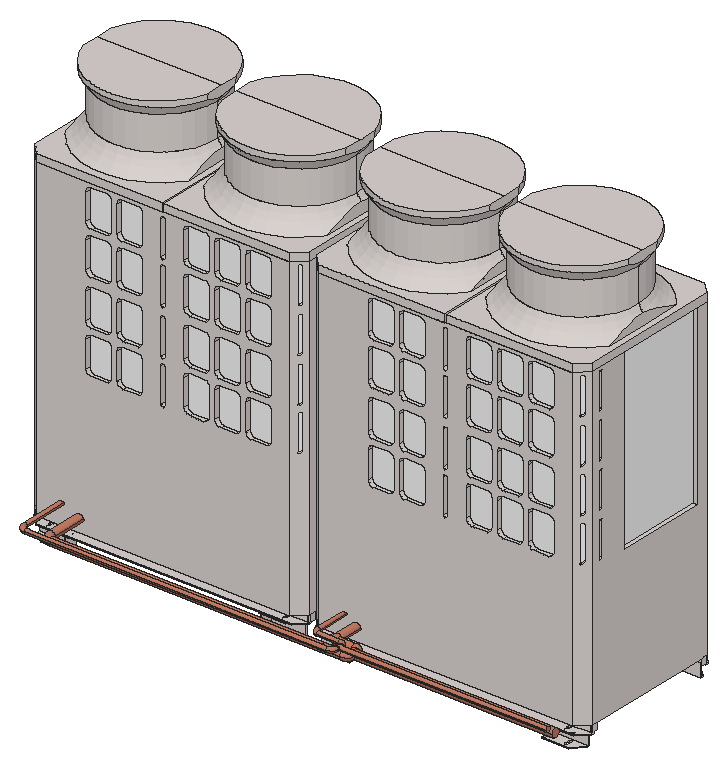
Revit family "PUHY-P750YSNW-A1", category Mechanical Equipment, Revit 2016
Family settings
  Part Type = Normal
  Round Connector Dimension = Use Radius
  OmniClass Number = 23.75.00.00
  OmniClass Title = Climate Control (HVAC)
  Work Plane-Based = No
  Always vertical = Yes
  Cut with Voids When Loaded = No
  Shared = No
  Room Calculation Point = No
Parameters (values of type "PUHY-P750YSNW-A1_380V_50Hz")
  Model = "PUHY-P750YSNW-A1"
  Width = 2510.000 mm
  WarrantyStart = ""
  Voltage = 380 V
  Unit Weight (kg) = 554
  URL = "http://www.mitsubishielectric.com/"
  Temp. range of heating (Outdoor temp.) (W.B.) = "-20.0 to 15.5"
  Temp. range of heating (Indoor temp.) (D.B.) = "15.0 to 27.0"
  Temp. range of cooling (Outdoor temp.) (D.B.) = "-5.0 to 52.0"
  Temp. range of cooling (Indoor temp.) (W.B.) = "15.0 to 24.0"
  TagNumber = 0
  Subcategory = "HVAC"
  Space View = yes
  Sound Pressure Level (dB(A)) Heating mode = 68.5
  Sound Pressure Level (dB(A)) Cooling mode = 67
  SerialNumber = 0
  ReplacementYear = ""
  Refrigerant type = "R410A"
  Refrigerant Charge (kg) = 19.6
  Protection Devices_Inverter circuit (COMP./FAN) = "Over-current protection"
  Protection Devices_High pressure (MPa) = "High pressure sensor, High pressure switch at 4.15"
  Phase = 3
  Manufacturer = "Mitsubishi Electric Corporation"
  Outdoor unit 2 Breaker size (A) = 40
  Outdoor unit 2 = PUHY-P350YNW-A1 : PUHY-P350YNW-A1
  Outdoor unit 1 Breaker size (A) = 60
  Outdoor unit 1 = PUHY-P400YNW-A1 : PUHY-P400YNW-A1
  Note_1 = "Refrigerant pipe diameters may change depending on the installation condition. Please refer to the installation manual."
  Maximum Circuit Ampacity (A) = 58.3
  Liquid pipe_radius = 9.525 mm
  InstallationDate = ""
  Indoor Unit Total Capacity = "50 to 130% of outdoor unit capacity"
  Indoor Unit Model/Quantity = "P10 to P250/2 to 50"
  Hertz = 50 Hz
  Height = 1858.000 mm
  Heating SCOP (kW/kW) = 4.05
  Heating Rated Load Ampacity (A) = 39.5
  Heating Power Input (kW) = 23.45
  Heating Power Input (Nominal) (kW) = 19.72
  Heating Current Input (Nominal) (A) = 33.2
  Heating Current Input (A) = 39.5
  Heating Capacity (kW) = 95
  Heating Capacity (Nominal) (kW) = 85
  Heating COP (kW/kW) = 4.05
  Heating COP (Nominal) (kW/kW) = 4.31
  Gas pipe_radius = 17.465 mm
  Fan_Type = "Propeller Fan"
  Fan_Quantity = 4
  Fan Motor Output (kW) = 1.84
  External static pressure (Pa) = 0
  External Finish = "Pre-coated galvanized steel sheets (+powder coating for -BS type) <MUNSELL 3Y 7.8/1.1 or similar>"
  Equip_description = ""
  Equip_No. = 0
  Equip_ID = ""
  Description = ""
  Depth = 740.000 mm
  CreatedOn = ""
  CreatedBy = ""
  Cooling SEER (kW/kW) = 6.46
  Cooling Rated Load Ampacity (A) = 43.6
  Cooling Power Input (kW) = 25.83
  Cooling EER (kW/kW) = 3.29
  Cooling Current Input (A) = 43.6
  Cooling Capacity (kW) = 85
  Compressor_Type = "Inverter scroll hermetic compressor"
  Compressor_Quantity = 2
  Compressor_Lubricant = "MEL32"
  Compressor Motor Output (kW) = 20
  Category = ""
  Barcode = ""
  AssetIdentifier = ""
  Airflow Rate (m3/min) = 570
  Airflow Rate (m3/h) = 34200
Reference planes
  plane 1 "Center (Front/Back)": y = 0
  plane 2: z = 0
  plane 3 "Center (Left/Right)": x = 0
  plane 4: y = 370
  plane 5 "front": y = -370
  plane 6: x = -1255
  plane 7: x = 1255
  plane 8: x = 15
  plane 9: x = -15
  plane 10: z = 1858
Forms (mm)
  Sweep 1, solid, material "Copper"
    path origin (1017.215, -4.248, 187) x (0, -1, 0) y (1, 0, 0)
      loop
        line (360, -2112.386) -> (570, -2112.386)
        arc (570, -2112.386) -> (591.213, -2103.6) -> (600, -2082.386) r 30
        line (600, -2082.386) -> (600, -725.507)
        arc (600, -725.507) -> (594.142, -711.365) -> (580, -705.507) r 20
        line (580, -705.507) -> (552.385, -705.507)
        arc (552.385, -705.507) -> (538.243, -711.365) -> (532.385, -725.507) r 20
        line (532.385, -725.507) -> (532.385, -821.501)
        arc (532.385, -821.501) -> (526.527, -835.643) -> (512.385, -841.501) r 20
        line (512.385, -841.501) -> (357.385, -841.501)
    profile origin (-1095.172, -469.248, 187) x (1, 0, 0) y (0, 0, 1)
      loop
        circle (0, 0) r 9.525
  Sweep 2, solid, material "Copper"
    path origin (1039.386, -4.248, 155) x (0, -1, 0) y (1, 0, 0)
      loop
        line (360, -2053) -> (525, -2053)
        arc (525, -2053) -> (546.213, -2044.213) -> (555, -2023) r 30
        line (555, -2023) -> (555, -800.253) -> (555, -715.253)
        arc (555, -715.253) -> (549.142, -701.111) -> (535, -695.253) r 20
        line (535, -695.253) -> (510, -695.253)
        arc (510, -695.253) -> (495.858, -701.111) -> (490, -715.253) r 20
        line (490, -715.253) -> (490, -786.253)
        arc (490, -786.253) -> (484.142, -800.395) -> (470, -806.253) r 20
        line (470, -806.253) -> (360, -806.253)
    profile origin (-1013.614, -446.748, 155) x (1, 0, 0) y (0, 0, 1)
      loop
        circle (0, 0) r 17.465
  Sweep 3, solid, material "Copper"
    path origin (934.386, -4.248, 187) x (0, -1, 0) y (1, 0, 0)
      loop
        line (565.96, -620) -> (565.96, 320.614)
    profile origin (784.693, -570.208, 187) x (0, 1, 0) y (0, 0, 1)
      loop
        circle (0, 0) r 9.525
  Sweep 4, solid, material "Copper"
    path origin (934.386, -4.248, 155.027) x (-1, 0, 0) y (0, -1, 0)
      loop
        line (585, 523.84) -> (-320, 523.84)
    profile origin (801.886, -528.088, 155.027) x (0, 1, 0) y (0, 0, 1)
      loop
        circle (0, 0) r 17.465
Dimensions and locks
  nested 1 to nested 1 = 1240.000 mm
  nested 1 to nested 2 to nested 2 = 30.000 mm, 1240.000 mm
  "Liquid pipe_radius": radius of Sweep 3 sketch curve
  "Gas pipe_radius": radius of Sweep 4 sketch curve
  aligned and locked: level to plane 2
Automatic sketch dimensions
  Sweep 1 sketch curve to plane 5 "front" = 8.366 mm
  Sweep 1 sketch curve to plane 5 "front" = 5.752 mm
  plane 5 "front" to Sweep 1 sketch curve = 146.634 mm
  Sweep 1 sketch curve to Sweep 1 sketch curve = 20.000 mm  (x2)
  plane 5 "front" to Sweep 1 sketch curve = 204.248 mm
  Sweep 1 sketch curve to Sweep 1 sketch curve = 27.615 mm
  Sweep 1 sketch curve to Sweep 1 sketch curve = 30.000 mm
  plane 6 to Sweep 1 sketch curve = 159.828 mm
  plane 3 "Center (Left/Right)" to Sweep 1 sketch curve = 175.714 mm
  Sweep 1 sketch curve to Sweep 1 sketch curve = 95.994 mm
  profile plane to Sweep 1 sketch curve = 0.000 mm
  Sweep 1 sketch curve to profile plane = 0.000 mm
  Sweep 2 sketch curve to plane 5 "front" = 5.752 mm  (x2)
  plane 5 "front" to Sweep 2 sketch curve = 104.248 mm
  Sweep 2 sketch curve to Sweep 2 sketch curve = 20.000 mm  (x3)
  plane 5 "front" to Sweep 2 sketch curve = 159.248 mm
  Sweep 2 sketch curve to Sweep 2 sketch curve = 25.000 mm
  plane 6 to Sweep 2 sketch curve = 241.386 mm
  plane 3 "Center (Left/Right)" to Sweep 2 sketch curve = 239.134 mm
  Sweep 2 sketch curve to Sweep 2 sketch curve = 6.000 mm
  Sweep 2 sketch curve to Sweep 2 sketch curve = 71.000 mm
  profile plane to Sweep 2 sketch curve = 0.000 mm
  Sweep 2 sketch curve to profile plane = 0.000 mm
  Sweep 3 sketch curve to plane 7 = 0.000 mm
  plane 5 "front" to Sweep 3 sketch curve = 200.208 mm
  plane 8 to Sweep 3 sketch curve = 299.386 mm
  Sweep 4 sketch curve to plane 7 = 0.614 mm
  plane 5 "front" to Sweep 4 sketch curve = 158.088 mm
  plane 8 to Sweep 4 sketch curve = 334.386 mm
  Sweep 3 sketch curve to profile plane = 0.000 mm  (x2)
  Sweep 4 sketch curve to profile plane = 0.000 mm  (x2)
  radius of Sweep 1 sketch curve = 9.525 mm
  radius of Sweep 2 sketch curve = 17.465 mm
Nested families
  nested 1: "PUHY-P400YNW-A1" at (-635, 0, 0), type <- "Outdoor unit 1", type "PUHY-P400YNW-A1"
  nested 2: "PUHY-P350YNW-A1" at (635, 0, 0), type <- "Outdoor unit 2", type "PUHY-P350YNW-A1"
Connectors
  piping at (1254.386, -528.088, 155.027), diameter 34.93, driven by "Gas pipe_radius"
    settings: on Sweep 4, index 1, connector inside diameter 34.93 mm, connector length 0.000 mm, flow factor 0, pipe flow 0.0 L/s, pressure drop 0.0 Pa, fitting loss kfactor 0, connector angle 0.00°, fixture units 0, engagement length 0.000 mm, angle of deflection 0.00°, flow configuration 0, flow direction 0, fitting loss method 0, system type 22, joint type 0, gender type 0, connector reference index -1, connector utility 0, adjustable connector no, is connector primary yes, connector description "Indoor unit-Twinning pipe(Gas)"
  piping at (1255, -570.208, 187), diameter 19.05, driven by "Liquid pipe_radius"
    settings: on Sweep 3, index 2, connector inside diameter 19.05 mm, connector length 0.000 mm, flow factor 0, pipe flow 0.0 L/s, pressure drop 0.0 Pa, fitting loss kfactor 0, connector angle 0.00°, fixture units 0, engagement length 0.000 mm, angle of deflection 0.00°, flow configuration 0, flow direction 0, fitting loss method 0, system type 22, joint type 0, gender type 0, connector reference index -1, connector utility 0, adjustable connector no, is connector primary no, connector description "Indoor unit-Twinning pipe(Liquid)"
  electrical at (319, -370, 280), driven by "Phase", driven by "Voltage"
    settings: index 4, voltage 380 V, apparent load 0 VA, apparent load phase1 0 VA, apparent load phase2 0 VA, apparent load phase3 0 VA, power factor 1, load classification "HVAC", number of poles 3, system type 30, power factor state 1, is connector primary yes, connector utility no, sub classification motor no, connector description ""
  electrical at (-633, -370, 280), driven by "Phase", driven by "Voltage"
    settings: index 5, voltage 380 V, apparent load 0 VA, apparent load phase1 0 VA, apparent load phase2 0 VA, apparent load phase3 0 VA, power factor 1, load classification "HVAC", number of poles 3, system type 30, power factor state 1, is connector primary no, connector utility no, sub classification motor no, connector description ""
Definition of nested family "PUHY-P400YNW-A1"
  Parameters
    Model = "PUHY-P400YNW-A"
    URL = "http://www.mitsubishielectric.com/"
    Manufacturer = "Mitsubishi Electric Corporation"
    Liquid pipe_radius = 12.700 mm
    Gas pipe_radius = 14.290 mm
  Reference planes
    plane 1 "Center (Front/Back)": y = 0
    plane 2: z = 0
    plane 3 "Center (Left/Right)": x = 0
    plane 4: y = 370
    plane 5: z = 1858
    plane 6: y = -260
    plane 7: y = -204
    plane 8: y = -185
    plane 9: x = -620
    plane 10: x = 620
    plane 11: x = -620
    plane 12: z = 716
    plane 13: x = -524
    plane 14: z = 669
    plane 15: x = -50.5
    plane 16: x = 51
    plane 17: x = 489
    plane 18: x = 467
    plane 19 "132": x = 488
    plane 20 "100": z = 160
    plane 21: z = 185
    plane 22: x = 413
    plane 23: x = 364
    plane 24: z = 150
    plane 25: x = -287.25
    plane 26: x = -137.25
    plane 27: x = -272.25
    plane 28: y = -278
    plane 29: z = 1509
    plane 30: y = -370
    plane 31: x = -530
    plane 32: x = 530
    plane 33 "179": y = -191
  Forms (mm)
    Extrusion 1, solid
      sketch origin (-1, 0, 113) x (-1, 0, 0) y (0, -1, 0)
        loop
          line (569, -370) -> (619, -320) -> (619, 320) -> (569, 370) -> (-571, 370) -> (-621, 320) -> (-621, -320) -> (-571, -370) -> (569, -370)
      from -18 to 1408
    Extrusion 2, void
      sketch origin (524, -370, 113) x (1, 0, 0) y (0, 0, -1)
        loop
          arc (-60.8, -1393.5) -> (-42.557, -1385.943) -> (-35, -1367.7) r 25.8
          line (-35, -1367.7) -> (-35, -1248.5)
          arc (-35, -1248.5) -> (-42.557, -1230.257) -> (-60.8, -1222.7) r 25.8
          line (-60.8, -1222.7) -> (-126, -1222.7)
          arc (-126, -1222.7) -> (-144.243, -1230.257) -> (-151.8, -1248.5) r 25.8
          line (-151.8, -1248.5) -> (-151.8, -1367.7)
          arc (-151.8, -1367.7) -> (-144.243, -1385.943) -> (-126, -1393.5) r 25.8
          line (-126, -1393.5) -> (-60.8, -1393.5)
      from 0 to 20
    Extrusion 3, void
      sketch origin (524, -370, -81) x (1, 0, 0) y (0, 0, -1)
        loop
          arc (-60.8, -1393.5) -> (-42.557, -1385.943) -> (-35, -1367.7) r 25.8
          line (-35, -1367.7) -> (-35, -1248.5)
          arc (-35, -1248.5) -> (-42.557, -1230.257) -> (-60.8, -1222.7) r 25.8
          line (-60.8, -1222.7) -> (-126, -1222.7)
          arc (-126, -1222.7) -> (-144.243, -1230.257) -> (-151.8, -1248.5) r 25.8
          line (-151.8, -1248.5) -> (-151.8, -1367.7)
          arc (-151.8, -1367.7) -> (-144.243, -1385.943) -> (-126, -1393.5) r 25.8
          line (-126, -1393.5) -> (-60.8, -1393.5)
      from 0 to 20
    Extrusion 4, void
      sketch origin (524, -370, -287) x (1, 0, 0) y (0, 0, -1)
        loop
          arc (-60.8, -1393.5) -> (-42.557, -1385.943) -> (-35, -1367.7) r 25.8
          line (-35, -1367.7) -> (-35, -1248.5)
          arc (-35, -1248.5) -> (-42.557, -1230.257) -> (-60.8, -1222.7) r 25.8
          line (-60.8, -1222.7) -> (-126, -1222.7)
          arc (-126, -1222.7) -> (-144.243, -1230.257) -> (-151.8, -1248.5) r 25.8
          line (-151.8, -1248.5) -> (-151.8, -1367.7)
          arc (-151.8, -1367.7) -> (-144.243, -1385.943) -> (-126, -1393.5) r 25.8
          line (-126, -1393.5) -> (-60.8, -1393.5)
      from 0 to 20
    Extrusion 5, void
      sketch origin (524, -370, -481) x (1, 0, 0) y (0, 0, -1)
        loop
          arc (-60.8, -1393.5) -> (-42.557, -1385.943) -> (-35, -1367.7) r 25.8
          line (-35, -1367.7) -> (-35, -1248.5)
          arc (-35, -1248.5) -> (-42.557, -1230.257) -> (-60.8, -1222.7) r 25.8
          line (-60.8, -1222.7) -> (-126, -1222.7)
          arc (-126, -1222.7) -> (-144.243, -1230.257) -> (-151.8, -1248.5) r 25.8
          line (-151.8, -1248.5) -> (-151.8, -1367.7)
          arc (-151.8, -1367.7) -> (-144.243, -1385.943) -> (-126, -1393.5) r 25.8
          line (-126, -1393.5) -> (-60.8, -1393.5)
      from 0 to 20
    Extrusion 6, void
      sketch origin (384, -370, 113) x (1, 0, 0) y (0, 0, -1)
        loop
          arc (-60.8, -1393.5) -> (-42.557, -1385.943) -> (-35, -1367.7) r 25.8
          line (-35, -1367.7) -> (-35, -1248.5)
          arc (-35, -1248.5) -> (-42.557, -1230.257) -> (-60.8, -1222.7) r 25.8
          line (-60.8, -1222.7) -> (-126, -1222.7)
          arc (-126, -1222.7) -> (-144.243, -1230.257) -> (-151.8, -1248.5) r 25.8
          line (-151.8, -1248.5) -> (-151.8, -1367.7)
          arc (-151.8, -1367.7) -> (-144.243, -1385.943) -> (-126, -1393.5) r 25.8
          line (-126, -1393.5) -> (-60.8, -1393.5)
      from 0 to 20
    Extrusion 7, void
      sketch origin (384, -370, -81) x (1, 0, 0) y (0, 0, -1)
        loop
          arc (-60.8, -1393.5) -> (-42.557, -1385.943) -> (-35, -1367.7) r 25.8
          line (-35, -1367.7) -> (-35, -1248.5)
          arc (-35, -1248.5) -> (-42.557, -1230.257) -> (-60.8, -1222.7) r 25.8
          line (-60.8, -1222.7) -> (-126, -1222.7)
          arc (-126, -1222.7) -> (-144.243, -1230.257) -> (-151.8, -1248.5) r 25.8
          line (-151.8, -1248.5) -> (-151.8, -1367.7)
          arc (-151.8, -1367.7) -> (-144.243, -1385.943) -> (-126, -1393.5) r 25.8
          line (-126, -1393.5) -> (-60.8, -1393.5)
      from 0 to 20
    Extrusion 8, void
      sketch origin (384, -370, -287) x (1, 0, 0) y (0, 0, -1)
        loop
          arc (-60.8, -1393.5) -> (-42.557, -1385.943) -> (-35, -1367.7) r 25.8
          line (-35, -1367.7) -> (-35, -1248.5)
          arc (-35, -1248.5) -> (-42.557, -1230.257) -> (-60.8, -1222.7) r 25.8
          line (-60.8, -1222.7) -> (-126, -1222.7)
          arc (-126, -1222.7) -> (-144.243, -1230.257) -> (-151.8, -1248.5) r 25.8
          line (-151.8, -1248.5) -> (-151.8, -1367.7)
          arc (-151.8, -1367.7) -> (-144.243, -1385.943) -> (-126, -1393.5) r 25.8
          line (-126, -1393.5) -> (-60.8, -1393.5)
      from 0 to 20
    Extrusion 9, void
      sketch origin (384, -370, -481) x (1, 0, 0) y (0, 0, -1)
        loop
          arc (-60.8, -1393.5) -> (-42.557, -1385.943) -> (-35, -1367.7) r 25.8
          line (-35, -1367.7) -> (-35, -1248.5)
          arc (-35, -1248.5) -> (-42.557, -1230.257) -> (-60.8, -1222.7) r 25.8
          line (-60.8, -1222.7) -> (-126, -1222.7)
          arc (-126, -1222.7) -> (-144.243, -1230.257) -> (-151.8, -1248.5) r 25.8
          line (-151.8, -1248.5) -> (-151.8, -1367.7)
          arc (-151.8, -1367.7) -> (-144.243, -1385.943) -> (-126, -1393.5) r 25.8
          line (-126, -1393.5) -> (-60.8, -1393.5)
      from 0 to 20
    Extrusion 10, void
      sketch origin (244, -370, 113) x (1, 0, 0) y (0, 0, -1)
        loop
          arc (-60.8, -1393.5) -> (-42.557, -1385.943) -> (-35, -1367.7) r 25.8
          line (-35, -1367.7) -> (-35, -1248.5)
          arc (-35, -1248.5) -> (-42.557, -1230.257) -> (-60.8, -1222.7) r 25.8
          line (-60.8, -1222.7) -> (-126, -1222.7)
          arc (-126, -1222.7) -> (-144.243, -1230.257) -> (-151.8, -1248.5) r 25.8
          line (-151.8, -1248.5) -> (-151.8, -1367.7)
          arc (-151.8, -1367.7) -> (-144.243, -1385.943) -> (-126, -1393.5) r 25.8
          line (-126, -1393.5) -> (-60.8, -1393.5)
      from 0 to 20
    Extrusion 11, void
      sketch origin (244, -370, -81) x (1, 0, 0) y (0, 0, -1)
        loop
          arc (-60.8, -1393.5) -> (-42.557, -1385.943) -> (-35, -1367.7) r 25.8
          line (-35, -1367.7) -> (-35, -1248.5)
          arc (-35, -1248.5) -> (-42.557, -1230.257) -> (-60.8, -1222.7) r 25.8
          line (-60.8, -1222.7) -> (-126, -1222.7)
          arc (-126, -1222.7) -> (-144.243, -1230.257) -> (-151.8, -1248.5) r 25.8
          line (-151.8, -1248.5) -> (-151.8, -1367.7)
          arc (-151.8, -1367.7) -> (-144.243, -1385.943) -> (-126, -1393.5) r 25.8
          line (-126, -1393.5) -> (-60.8, -1393.5)
      from 0 to 20
    Extrusion 12, void
      sketch origin (244, -370, -287) x (1, 0, 0) y (0, 0, -1)
        loop
          arc (-60.8, -1393.5) -> (-42.557, -1385.943) -> (-35, -1367.7) r 25.8
          line (-35, -1367.7) -> (-35, -1248.5)
          arc (-35, -1248.5) -> (-42.557, -1230.257) -> (-60.8, -1222.7) r 25.8
          line (-60.8, -1222.7) -> (-126, -1222.7)
          arc (-126, -1222.7) -> (-144.243, -1230.257) -> (-151.8, -1248.5) r 25.8
          line (-151.8, -1248.5) -> (-151.8, -1367.7)
          arc (-151.8, -1367.7) -> (-144.243, -1385.943) -> (-126, -1393.5) r 25.8
          line (-126, -1393.5) -> (-60.8, -1393.5)
      from 0 to 20
    Extrusion 13, void
      sketch origin (244, -370, -481) x (1, 0, 0) y (0, 0, -1)
        loop
          arc (-60.8, -1393.5) -> (-42.557, -1385.943) -> (-35, -1367.7) r 25.8
          line (-35, -1367.7) -> (-35, -1248.5)
          arc (-35, -1248.5) -> (-42.557, -1230.257) -> (-60.8, -1222.7) r 25.8
          line (-60.8, -1222.7) -> (-126, -1222.7)
          arc (-126, -1222.7) -> (-144.243, -1230.257) -> (-151.8, -1248.5) r 25.8
          line (-151.8, -1248.5) -> (-151.8, -1367.7)
          arc (-151.8, -1367.7) -> (-144.243, -1385.943) -> (-126, -1393.5) r 25.8
          line (-126, -1393.5) -> (-60.8, -1393.5)
      from 0 to 20
    Extrusion 14, void
      sketch origin (-56, -370, 113) x (1, 0, 0) y (0, 0, -1)
        loop
          arc (-60.8, -1393.5) -> (-42.557, -1385.943) -> (-35, -1367.7) r 25.8
          line (-35, -1367.7) -> (-35, -1248.5)
          arc (-35, -1248.5) -> (-42.557, -1230.257) -> (-60.8, -1222.7) r 25.8
          line (-60.8, -1222.7) -> (-126, -1222.7)
          arc (-126, -1222.7) -> (-144.243, -1230.257) -> (-151.8, -1248.5) r 25.8
          line (-151.8, -1248.5) -> (-151.8, -1367.7)
          arc (-151.8, -1367.7) -> (-144.243, -1385.943) -> (-126, -1393.5) r 25.8
          line (-126, -1393.5) -> (-60.8, -1393.5)
      from 0 to 20
    Extrusion 15, void
      sketch origin (-56, -370, -81) x (1, 0, 0) y (0, 0, -1)
        loop
          arc (-60.8, -1393.5) -> (-42.557, -1385.943) -> (-35, -1367.7) r 25.8
          line (-35, -1367.7) -> (-35, -1248.5)
          arc (-35, -1248.5) -> (-42.557, -1230.257) -> (-60.8, -1222.7) r 25.8
          line (-60.8, -1222.7) -> (-126, -1222.7)
          arc (-126, -1222.7) -> (-144.243, -1230.257) -> (-151.8, -1248.5) r 25.8
          line (-151.8, -1248.5) -> (-151.8, -1367.7)
          arc (-151.8, -1367.7) -> (-144.243, -1385.943) -> (-126, -1393.5) r 25.8
          line (-126, -1393.5) -> (-60.8, -1393.5)
      from 0 to 20
    Extrusion 16, void
      sketch origin (-56, -370, -287) x (1, 0, 0) y (0, 0, -1)
        loop
          arc (-60.8, -1393.5) -> (-42.557, -1385.943) -> (-35, -1367.7) r 25.8
          line (-35, -1367.7) -> (-35, -1248.5)
          arc (-35, -1248.5) -> (-42.557, -1230.257) -> (-60.8, -1222.7) r 25.8
          line (-60.8, -1222.7) -> (-126, -1222.7)
          arc (-126, -1222.7) -> (-144.243, -1230.257) -> (-151.8, -1248.5) r 25.8
          line (-151.8, -1248.5) -> (-151.8, -1367.7)
          arc (-151.8, -1367.7) -> (-144.243, -1385.943) -> (-126, -1393.5) r 25.8
          line (-126, -1393.5) -> (-60.8, -1393.5)
      from 0 to 20
    Extrusion 17, void
      sketch origin (-56, -370, -481) x (1, 0, 0) y (0, 0, -1)
        loop
          arc (-60.8, -1393.5) -> (-42.557, -1385.943) -> (-35, -1367.7) r 25.8
          line (-35, -1367.7) -> (-35, -1248.5)
          arc (-35, -1248.5) -> (-42.557, -1230.257) -> (-60.8, -1222.7) r 25.8
          line (-60.8, -1222.7) -> (-126, -1222.7)
          arc (-126, -1222.7) -> (-144.243, -1230.257) -> (-151.8, -1248.5) r 25.8
          line (-151.8, -1248.5) -> (-151.8, -1367.7)
          arc (-151.8, -1367.7) -> (-144.243, -1385.943) -> (-126, -1393.5) r 25.8
          line (-126, -1393.5) -> (-60.8, -1393.5)
      from 0 to 20
    Extrusion 18, void
      sketch origin (-196, -370, 113) x (1, 0, 0) y (0, 0, -1)
        loop
          arc (-60.8, -1393.5) -> (-42.557, -1385.943) -> (-35, -1367.7) r 25.8
          line (-35, -1367.7) -> (-35, -1248.5)
          arc (-35, -1248.5) -> (-42.557, -1230.257) -> (-60.8, -1222.7) r 25.8
          line (-60.8, -1222.7) -> (-126, -1222.7)
          arc (-126, -1222.7) -> (-144.243, -1230.257) -> (-151.8, -1248.5) r 25.8
          line (-151.8, -1248.5) -> (-151.8, -1367.7)
          arc (-151.8, -1367.7) -> (-144.243, -1385.943) -> (-126, -1393.5) r 25.8
          line (-126, -1393.5) -> (-60.8, -1393.5)
      from 0 to 20
    Extrusion 19, void
      sketch origin (-196, -370, -81) x (1, 0, 0) y (0, 0, -1)
        loop
          arc (-60.8, -1393.5) -> (-42.557, -1385.943) -> (-35, -1367.7) r 25.8
          line (-35, -1367.7) -> (-35, -1248.5)
          arc (-35, -1248.5) -> (-42.557, -1230.257) -> (-60.8, -1222.7) r 25.8
          line (-60.8, -1222.7) -> (-126, -1222.7)
          arc (-126, -1222.7) -> (-144.243, -1230.257) -> (-151.8, -1248.5) r 25.8
          line (-151.8, -1248.5) -> (-151.8, -1367.7)
          arc (-151.8, -1367.7) -> (-144.243, -1385.943) -> (-126, -1393.5) r 25.8
          line (-126, -1393.5) -> (-60.8, -1393.5)
      from 0 to 20
    Extrusion 20, void
      sketch origin (-196, -370, -287) x (1, 0, 0) y (0, 0, -1)
        loop
          arc (-60.8, -1393.5) -> (-42.557, -1385.943) -> (-35, -1367.7) r 25.8
          line (-35, -1367.7) -> (-35, -1248.5)
          arc (-35, -1248.5) -> (-42.557, -1230.257) -> (-60.8, -1222.7) r 25.8
          line (-60.8, -1222.7) -> (-126, -1222.7)
          arc (-126, -1222.7) -> (-144.243, -1230.257) -> (-151.8, -1248.5) r 25.8
          line (-151.8, -1248.5) -> (-151.8, -1367.7)
          arc (-151.8, -1367.7) -> (-144.243, -1385.943) -> (-126, -1393.5) r 25.8
          line (-126, -1393.5) -> (-60.8, -1393.5)
      from 0 to 20
    Extrusion 21, void
      sketch origin (-196, -370, -481) x (1, 0, 0) y (0, 0, -1)
        loop
          arc (-60.8, -1393.5) -> (-42.557, -1385.943) -> (-35, -1367.7) r 25.8
          line (-35, -1367.7) -> (-35, -1248.5)
          arc (-35, -1248.5) -> (-42.557, -1230.257) -> (-60.8, -1222.7) r 25.8
          line (-60.8, -1222.7) -> (-126, -1222.7)
          arc (-126, -1222.7) -> (-144.243, -1230.257) -> (-151.8, -1248.5) r 25.8
          line (-151.8, -1248.5) -> (-151.8, -1367.7)
          arc (-151.8, -1367.7) -> (-144.243, -1385.943) -> (-126, -1393.5) r 25.8
          line (-126, -1393.5) -> (-60.8, -1393.5)
      from 0 to 20
    Extrusion 22, void
      sketch origin (620, 320, 113) x (0, 1, 0) y (0, 0, -1)
        loop
          line (-462.3, -1408) -> (-50.8, -1408) -> (-50.8, -612) -> (-462.3, -612) -> (-462.3, -1408)
      from 0 to 20
    Extrusion 23, void
      sketch origin (-620, -320, 113) x (0, -1, 0) y (0, 0, -1)
        loop
          line (-535.7, -1408) -> (-207.7, -1408) -> (-207.7, -592) -> (-535.7, -592) -> (-535.7, -1408)
      from 0 to 20
    Extrusion 24, void
      sketch origin (194.892, 370, 113) x (-1, 0, 0) y (0, 0, -1)
        loop
          arc (204.892, -1225.013) -> (194.892, -1215.013) -> (184.892, -1225.013) r 10
          line (184.892, -1225.013) -> (184.892, -1379.987)
          arc (184.892, -1379.987) -> (194.892, -1389.987) -> (204.892, -1379.987) r 10
          line (204.892, -1379.987) -> (204.892, -1225.013)
        loop
          arc (204.892, -1031.013) -> (194.892, -1021.013) -> (184.892, -1031.013) r 10
          line (184.892, -1031.013) -> (184.892, -1185.987)
          arc (184.892, -1185.987) -> (194.892, -1195.987) -> (204.892, -1185.987) r 10
          line (204.892, -1185.987) -> (204.892, -1031.013)
        loop
          arc (204.892, -825.013) -> (194.892, -815.013) -> (184.892, -825.013) r 10
          line (184.892, -825.013) -> (184.892, -979.987)
          arc (184.892, -979.987) -> (194.892, -989.987) -> (204.892, -979.987) r 10
          line (204.892, -979.987) -> (204.892, -825.013)
        loop
          arc (204.892, -631.013) -> (194.892, -621.013) -> (184.892, -631.013) r 10
          line (184.892, -631.013) -> (184.892, -785.987)
          arc (184.892, -785.987) -> (194.892, -795.987) -> (204.892, -785.987) r 10
          line (204.892, -785.987) -> (204.892, -631.013)
      from 0 to 20
    Extrusion 25, void
      sketch origin (-570, 370, 113) x (0.707107, 0.707107, 0) y (0, 0, 1)
        loop
          arc (-45.355, 1236) -> (-35.355, 1226) -> (-25.355, 1236) r 10
          line (-25.355, 1236) -> (-25.355, 1386)
          arc (-25.355, 1386) -> (-35.355, 1396) -> (-45.355, 1386) r 10
          line (-45.355, 1386) -> (-45.355, 1236)
        loop
          arc (-45.355, 1036) -> (-35.355, 1026) -> (-25.355, 1036) r 10
          line (-25.355, 1036) -> (-25.355, 1186)
          arc (-25.355, 1186) -> (-35.355, 1196) -> (-45.355, 1186) r 10
          line (-45.355, 1186) -> (-45.355, 1036)
        loop
          arc (-45.355, 836) -> (-35.355, 826) -> (-25.355, 836) r 10
          line (-25.355, 836) -> (-25.355, 986)
          arc (-25.355, 986) -> (-35.355, 996) -> (-45.355, 986) r 10
          line (-45.355, 986) -> (-45.355, 836)
        loop
          arc (-45.355, 641) -> (-35.355, 631) -> (-25.355, 641) r 10
          line (-25.355, 641) -> (-25.355, 791)
          arc (-25.355, 791) -> (-35.355, 801) -> (-45.355, 791) r 10
          line (-45.355, 791) -> (-45.355, 641)
      from 0 to 20
    Extrusion 26, void
      sketch origin (-620, -320, 113) x (0, -1, 0) y (0, 0, -1)
        loop
          line (-607.846, -1035.895) -> (-607.846, -1186.105)
          arc (-607.846, -1186.105) -> (-597.846, -1196.105) -> (-587.846, -1186.105) r 10
          line (-587.846, -1186.105) -> (-587.846, -1035.895)
          arc (-587.846, -1035.895) -> (-597.846, -1025.895) -> (-607.846, -1035.895) r 10
        loop
          line (-607.846, -835.895) -> (-607.846, -986.105)
          arc (-607.846, -986.105) -> (-597.846, -996.105) -> (-587.846, -986.105) r 10
          line (-587.846, -986.105) -> (-587.846, -835.895)
          arc (-587.846, -835.895) -> (-597.846, -825.895) -> (-607.846, -835.895) r 10
        loop
          line (-607.846, -1235.895) -> (-607.846, -1386.105)
          arc (-607.846, -1386.105) -> (-597.846, -1396.105) -> (-587.846, -1386.105) r 10
          line (-587.846, -1386.105) -> (-587.846, -1235.895)
          arc (-587.846, -1235.895) -> (-597.846, -1225.895) -> (-607.846, -1235.895) r 10
        loop
          line (-607.846, -635.895) -> (-607.846, -786.105)
          arc (-607.846, -786.105) -> (-597.846, -796.105) -> (-587.846, -786.105) r 10
          line (-587.846, -786.105) -> (-587.846, -635.895)
          arc (-587.846, -635.895) -> (-597.846, -625.895) -> (-607.846, -635.895) r 10
      from 0 to 20
    Extrusion 27, void
      sketch origin (1079, -370, 113) x (1, 0, 0) y (0, 0, -1)
        loop
          arc (-1089, -1379.975) -> (-1079, -1389.975) -> (-1069, -1379.975) r 10
          line (-1069, -1379.975) -> (-1069, -1225)
          arc (-1069, -1225) -> (-1079, -1215) -> (-1089, -1225) r 10
          line (-1089, -1225) -> (-1089, -1379.975)
        loop
          arc (-1089, -1185.975) -> (-1079, -1195.975) -> (-1069, -1185.975) r 10
          line (-1069, -1185.975) -> (-1069, -1031)
          arc (-1069, -1031) -> (-1079, -1021) -> (-1089, -1031) r 10
          line (-1089, -1031) -> (-1089, -1185.975)
        loop
          arc (-1089, -979.975) -> (-1079, -989.975) -> (-1069, -979.975) r 10
          line (-1069, -979.975) -> (-1069, -825)
          arc (-1069, -825) -> (-1079, -815) -> (-1089, -825) r 10
          line (-1089, -825) -> (-1089, -979.975)
        loop
          arc (-1089, -785.975) -> (-1079, -795.975) -> (-1069, -785.975) r 10
          line (-1069, -785.975) -> (-1069, -631)
          arc (-1069, -631) -> (-1079, -621) -> (-1089, -631) r 10
          line (-1089, -631) -> (-1089, -785.975)
      from 0 to 20
    Extrusion 28, void
      sketch origin (-571, 370, 113) x (-1, 0, 0) y (0, 0, -1)
        loop
          line (-519.5, -1408) -> (-48, -1408) -> (-48, -556) -> (-519.5, -556) -> (-519.5, -1408)
      from 0 to 20
    Extrusion 29, void
      sketch origin (-571, 370, 113) x (-1, 0, 0) y (0, 0, -1)
        loop
          line (-1038, -1408) -> (-622, -1408) -> (-622, -556) -> (-1038, -556) -> (-1038, -1408)
      from 0 to 20
    Extrusion 30, void
      sketch origin (620, 320, 113) x (0, 1, 0) y (0, 0, -1)
        loop
          arc (-588, -1035.791) -> (-598, -1025.791) -> (-608, -1035.791) r 10
          line (-608, -1035.791) -> (-608, -1186)
          arc (-608, -1186) -> (-598, -1196) -> (-588, -1186) r 10
          line (-588, -1186) -> (-588, -1035.791)
        loop
          arc (-588, -835.791) -> (-598, -825.791) -> (-608, -835.791) r 10
          line (-608, -835.791) -> (-608, -986)
          arc (-608, -986) -> (-598, -996) -> (-588, -986) r 10
          line (-588, -986) -> (-588, -835.791)
        loop
          arc (-588, -1235.791) -> (-598, -1225.791) -> (-608, -1235.791) r 10
          line (-608, -1235.791) -> (-608, -1386)
          arc (-608, -1386) -> (-598, -1396) -> (-588, -1386) r 10
          line (-588, -1386) -> (-588, -1235.791)
        loop
          arc (-588, -635.791) -> (-598, -625.791) -> (-608, -635.791) r 10
          line (-608, -635.791) -> (-608, -786)
          arc (-608, -786) -> (-598, -796) -> (-588, -786) r 10
          line (-588, -786) -> (-588, -635.791)
      from 0 to 20
    Extrusion 31, void
      sketch origin (1291.751, 351.751, 113) x (0.707107, 0.707107, 0) y (0, 0, -1)
        loop
          line (-995.311, -1236) -> (-995.311, -1386)
          arc (-995.311, -1386) -> (-985.311, -1396) -> (-975.311, -1386) r 10
          line (-975.311, -1386) -> (-975.311, -1236)
          arc (-975.311, -1236) -> (-985.311, -1226) -> (-995.311, -1236) r 10
        loop
          line (-995.311, -1036) -> (-995.311, -1186)
          arc (-995.311, -1186) -> (-985.311, -1196) -> (-975.311, -1186) r 10
          line (-975.311, -1186) -> (-975.311, -1036)
          arc (-975.311, -1036) -> (-985.311, -1026) -> (-995.311, -1036) r 10
        loop
          line (-995.311, -836) -> (-995.311, -986)
          arc (-995.311, -986) -> (-985.311, -996) -> (-975.311, -986) r 10
          line (-975.311, -986) -> (-975.311, -836)
          arc (-975.311, -836) -> (-985.311, -826) -> (-995.311, -836) r 10
        loop
          line (-995.311, -641) -> (-995.311, -791)
          arc (-995.311, -791) -> (-985.311, -801) -> (-975.311, -791) r 10
          line (-975.311, -791) -> (-975.311, -641)
          arc (-975.311, -641) -> (-985.311, -631) -> (-995.311, -641) r 10
      from 0 to 20
    Extrusion 32, void
      sketch origin (0, -191, 0) x (-1, 0, 0) y (0, 0, 1)
        loop
          circle (460, 176) r 6.35
      from 0 to 78.7
    Extrusion 33, void
      sketch origin (0, -191, 0) x (-1, 0, 0) y (0, 0, 1)
        loop
          circle (377, 176) r 14.29
      from 0 to 78.7
  Cuts and joins
    Extrusion 2, Extrusion 3, Extrusion 4, Extrusion 5, Extrusion 6, Extrusion 7, Extrusion 8, Extrusion 9, Extrusion 10, Extrusion 11, Extrusion 12, Extrusion 13, Extrusion 14, Extrusion 15, Extrusion 16, Extrusion 17, Extrusion 18, Extrusion 19, Extrusion 20, Extrusion 21, Extrusion 22, Extrusion 23, Extrusion 24, Extrusion 25, Extrusion 26, Extrusion 27, Extrusion 28, Extrusion 29, Extrusion 30, Extrusion 31, Extrusion 32, Extrusion 33 cuts Extrusion 1
  Lines and regions (mm)
    model lines
      curve 1: line (-351, -291, 95) -> (-481, -291, 95)
      curve 2: line (-342, -206, 95) -> (-342, -282, 95)
      curve 3: line (-481, -197, 95) -> (-351, -197, 95)
      curve 4: line (-492, -280, 95) -> (-492, -208, 95)
      curve 5: arc (-492, -280, 95) -> (-488.778, -287.778, 95) -> (-481, -291, 95) r 11
      curve 6: arc (-351, -291, 95) -> (-344.636, -288.364, 95) -> (-342, -282, 95) r 9
      curve 7: arc (-342, -206, 95) -> (-344.636, -199.636, 95) -> (-351, -197, 95) r 9
      curve 8: arc (-481, -197, 95) -> (-488.778, -200.222, 95) -> (-492, -208, 95) r 11
      curve 9: line (-30, -370, 1521) -> (-30, -370, 95)
      curve 10: line (30, -370, 1521) -> (30, -370, 95)
      curve 11: line (-485, -370, 215) -> (-357, -370, 215)
      curve 12: line (-495, -370, 141) -> (-495, -370, 205)
      curve 13: line (-357, -370, 131) -> (-485, -370, 131)
      curve 14: line (-347, -370, 205) -> (-347, -370, 141)
      curve 15: arc (-485, -370, 215) -> (-492.071, -370, 212.071) -> (-495, -370, 205) r 10
      curve 16: arc (-495, -370, 141) -> (-492.071, -370, 133.929) -> (-485, -370, 131) r 10
      curve 17: arc (-357, -370, 131) -> (-349.929, -370, 133.929) -> (-347, -370, 141) r 10
      curve 18: arc (-347, -370, 205) -> (-349.929, -370, 212.071) -> (-357, -370, 215) r 10
      curve 19: line (-405, -370, 1521) -> (-405, -370, 716)
      curve 20: line (620, -162.3, 1521) -> (620, -162.3, 95)
      curve 21: line (620, 289.2, 1521) -> (620, 289.2, 95)
      curve 22: line (620, -162.3, 705) -> (620, 289.2, 705)
      curve 23: line (620, -162.3, 725) -> (620, 289.2, 725)
      curve 24: line (620, -76.8, 583) -> (620, 203.2, 583)
      curve 25: line (620, 203.2, 563) -> (620, -76.8, 563)
      curve 26: arc (620, -76.8, 583) -> (620, -83.871, 580.071) -> (620, -86.8, 573) r 10
      curve 27: arc (620, -76.8, 563) -> (620, -83.871, 565.929) -> (620, -86.8, 573) r 10
      curve 28: arc (620, 203.2, 583) -> (620, 210.271, 580.071) -> (620, 213.2, 573) r 10
      curve 29: arc (620, 203.2, 563) -> (620, 210.271, 565.929) -> (620, 213.2, 573) r 10
      curve 30: line (620, -76.8, 478) -> (620, 203.2, 478)
      curve 31: line (620, 203.2, 458) -> (620, -76.8, 458)
      curve 32: arc (620, -76.8, 478) -> (620, -83.871, 475.071) -> (620, -86.8, 468) r 10
      curve 33: arc (620, -76.8, 458) -> (620, -83.871, 460.929) -> (620, -86.8, 468) r 10
      curve 34: arc (620, 203.2, 478) -> (620, 210.271, 475.071) -> (620, 213.2, 468) r 10
      curve 35: arc (620, 203.2, 458) -> (620, 210.271, 460.929) -> (620, 213.2, 468) r 10
      curve 36: line (620, -76.8, 373) -> (620, 203.2, 373)
      curve 37: line (620, 203.2, 353) -> (620, -76.8, 353)
      curve 38: arc (620, -76.8, 373) -> (620, -83.871, 370.071) -> (620, -86.8, 363) r 10
      curve 39: arc (620, -76.8, 353) -> (620, -83.871, 355.929) -> (620, -86.8, 363) r 10
      curve 40: arc (620, 203.2, 373) -> (620, 210.271, 370.071) -> (620, 213.2, 363) r 10
      curve 41: arc (620, 203.2, 353) -> (620, 210.271, 355.929) -> (620, 213.2, 363) r 10
      curve 42: line (620, -76.8, 268) -> (620, 203.2, 268)
      curve 43: line (620, 203.2, 248) -> (620, -76.8, 248)
      curve 44: arc (620, -76.8, 268) -> (620, -83.871, 265.071) -> (620, -86.8, 258) r 10
      curve 45: arc (620, -76.8, 248) -> (620, -83.871, 250.929) -> (620, -86.8, 258) r 10
      curve 46: arc (620, 203.2, 268) -> (620, 210.271, 265.071) -> (620, 213.2, 258) r 10
      curve 47: arc (620, 203.2, 248) -> (620, 210.271, 250.929) -> (620, 213.2, 258) r 10
      curve 48: line (-620, -162.3, 1521) -> (-620, -162.3, 95)
      curve 49: line (-620, 235.7, 1521) -> (-620, 235.7, 95)
      curve 50: line (-620, -112.3, 1521) -> (-620, -112.3, 705)
      curve 51: line (-620, 215.7, 1521) -> (-620, 215.7, 705)
      curve 52: line (-620, 235.7, 705) -> (-620, -162.3, 705)
      curve 53: line (-620, 176.7, 268) -> (-620, -103.3, 268)
      curve 54: line (-620, -103.3, 248) -> (-620, 176.7, 248)
      curve 55: arc (-620, 186.7, 258) -> (-620, 183.771, 265.071) -> (-620, 176.7, 268) r 10
      curve 56: arc (-620, 176.7, 248) -> (-620, 183.771, 250.929) -> (-620, 186.7, 258) r 10
      curve 57: arc (-620, -103.3, 268) -> (-620, -110.371, 265.071) -> (-620, -113.3, 258) r 10
      curve 58: arc (-620, -113.3, 258) -> (-620, -110.371, 250.929) -> (-620, -103.3, 248) r 10
      curve 59: line (-620, 176.7, 373) -> (-620, -103.3, 373)
      curve 60: line (-620, -103.3, 353) -> (-620, 176.7, 353)
      curve 61: arc (-620, 186.7, 363) -> (-620, 183.771, 370.071) -> (-620, 176.7, 373) r 10
      curve 62: arc (-620, 176.7, 353) -> (-620, 183.771, 355.929) -> (-620, 186.7, 363) r 10
      curve 63: arc (-620, -103.3, 373) -> (-620, -110.371, 370.071) -> (-620, -113.3, 363) r 10
      curve 64: arc (-620, -113.3, 363) -> (-620, -110.371, 355.929) -> (-620, -103.3, 353) r 10
      curve 65: line (-620, 176.7, 478) -> (-620, -103.3, 478)
      curve 66: line (-620, -103.3, 458) -> (-620, 176.7, 458)
      curve 67: arc (-620, 186.7, 468) -> (-620, 183.771, 475.071) -> (-620, 176.7, 478) r 10
      curve 68: arc (-620, 176.7, 458) -> (-620, 183.771, 460.929) -> (-620, 186.7, 468) r 10
      curve 69: arc (-620, -103.3, 478) -> (-620, -110.371, 475.071) -> (-620, -113.3, 468) r 10
      curve 70: arc (-620, -113.3, 468) -> (-620, -110.371, 460.929) -> (-620, -103.3, 458) r 10
      curve 71: line (-620, 176.7, 583) -> (-620, -103.3, 583)
      curve 72: line (-620, -103.3, 563) -> (-620, 176.7, 563)
      curve 73: arc (-620, 186.7, 573) -> (-620, 183.771, 580.071) -> (-620, 176.7, 583) r 10
      curve 74: arc (-620, 176.7, 563) -> (-620, 183.771, 565.929) -> (-620, 186.7, 573) r 10
      curve 75: arc (-620, -103.3, 583) -> (-620, -110.371, 580.071) -> (-620, -113.3, 573) r 10
      curve 76: arc (-620, -113.3, 573) -> (-620, -110.371, 565.929) -> (-620, -103.3, 563) r 10
      curve 77: line (-544, 370, 1521) -> (-544, 370, 95)
      curve 78: line (489, 370, 649) -> (30, 370, 649)
      curve 79: line (-30.5, 370, 649) -> (-544, 370, 649)
      curve 80: line (-147.25, 370, 584) -> (-427.25, 370, 584)
      curve 81: line (-427.25, 370, 564) -> (-147.25, 370, 564)
      curve 82: arc (-137.25, 370, 574) -> (-140.179, 370, 581.071) -> (-147.25, 370, 584) r 10
      curve 83: arc (-147.25, 370, 564) -> (-140.179, 370, 566.929) -> (-137.25, 370, 574) r 10
      curve 84: arc (-427.25, 370, 584) -> (-434.321, 370, 581.071) -> (-437.25, 370, 574) r 10
      curve 85: arc (-437.25, 370, 574) -> (-434.321, 370, 566.929) -> (-427.25, 370, 564) r 10
      curve 86: circle (448, -185, 1521) r 15 normal (0, 0, 1)
      curve 87: circle (468, -185, 95) r 26 normal (0, 0, 1)
      curve 88: circle (448, -260, 95) r 32.5 normal (0, 0, 1)
      curve 89: circle (404, -204, 95) r 17 normal (0, 0, 1)
      curve 90: line (-550, -370, 1521) -> (-550, -370, 95)
      curve 91: line (-550, -370, 716) -> (-30, -370, 716)
      curve 92: line (550, -370, 95) -> (550, -370, 1521)
      curve 93: line (30, -370, 716) -> (550, -370, 716)
      curve 94: line (-30.5, 370, 1521) -> (-30.5, 370, 95)
      curve 95: line (30, 370, 1521) -> (30, 370, 95)
      curve 96: line (489, 370, 1521) -> (489, 370, 95)
      curve 97: line (467, 370, 669) -> (467, 370, 649)
      curve 98: line (-352, -370, 223) -> (-550, -370, 223)
      curve 99: line (-342, -370, 213) -> (-342, -370, 95)
      curve 100: arc (-342, -370, 213) -> (-344.929, -370, 220.071) -> (-352, -370, 223) r 10
      curve 101: circle (488, -370, 160) r 32.5 normal (0, -1, 0)
      curve 102: circle (488, -370, 160) r 20 normal (0, -1, 0)
      curve 103: circle (364, -370, 150) r 17 normal (0, -1, 0)
      curve 104: circle (413, -370, 185) r 26 normal (0, -1, 0)
      curve 105: circle (413, -370, 185) r 13.5 normal (0, -1, 0)
      curve 106: line (352, -370, 223) -> (550, -370, 223)
      curve 107: line (342, -370, 213) -> (342, -370, 95)
      curve 108: arc (342, -370, 213) -> (344.929, -370, 220.071) -> (352, -370, 223) r 10
      curve 109: line (-147.25, 370, 479) -> (-427.25, 370, 479)
      curve 110: line (-427.25, 370, 459) -> (-147.25, 370, 459)
      curve 111: arc (-137.25, 370, 469) -> (-140.179, 370, 476.071) -> (-147.25, 370, 479) r 10
      curve 112: arc (-147.25, 370, 459) -> (-140.179, 370, 461.929) -> (-137.25, 370, 469) r 10
      curve 113: arc (-427.25, 370, 479) -> (-434.321, 370, 476.071) -> (-437.25, 370, 469) r 10
      curve 114: arc (-437.25, 370, 469) -> (-434.321, 370, 461.929) -> (-427.25, 370, 459) r 10
      curve 115: line (-147.25, 370, 374) -> (-427.25, 370, 374)
      curve 116: line (-427.25, 370, 354) -> (-147.25, 370, 354)
      curve 117: arc (-137.25, 370, 364) -> (-140.179, 370, 371.071) -> (-147.25, 370, 374) r 10
      curve 118: arc (-147.25, 370, 354) -> (-140.179, 370, 356.929) -> (-137.25, 370, 364) r 10
      curve 119: arc (-427.25, 370, 374) -> (-434.321, 370, 371.071) -> (-437.25, 370, 364) r 10
      curve 120: arc (-437.25, 370, 364) -> (-434.321, 370, 356.929) -> (-427.25, 370, 354) r 10
      curve 121: line (-147.25, 370, 269) -> (-427.25, 370, 269)
      curve 122: line (-427.25, 370, 249) -> (-147.25, 370, 249)
      curve 123: arc (-137.25, 370, 259) -> (-140.179, 370, 266.071) -> (-147.25, 370, 269) r 10
      curve 124: arc (-147.25, 370, 249) -> (-140.179, 370, 251.929) -> (-137.25, 370, 259) r 10
      curve 125: arc (-427.25, 370, 269) -> (-434.321, 370, 266.071) -> (-437.25, 370, 259) r 10
      curve 126: arc (-437.25, 370, 259) -> (-434.321, 370, 251.929) -> (-427.25, 370, 249) r 10
      curve 127: line (399.5, 370, 584) -> (119.5, 370, 584)
      curve 128: line (119.5, 370, 564) -> (399.5, 370, 564)
      curve 129: arc (409.5, 370, 574) -> (406.571, 370, 581.071) -> (399.5, 370, 584) r 10
      curve 130: arc (399.5, 370, 564) -> (406.571, 370, 566.929) -> (409.5, 370, 574) r 10
      curve 131: arc (119.5, 370, 584) -> (112.429, 370, 581.071) -> (109.5, 370, 574) r 10
      curve 132: arc (109.5, 370, 574) -> (112.429, 370, 566.929) -> (119.5, 370, 564) r 10
      curve 133: line (399.5, 370, 479) -> (119.5, 370, 479)
      curve 134: line (119.5, 370, 459) -> (399.5, 370, 459)
      curve 135: arc (409.5, 370, 469) -> (406.571, 370, 476.071) -> (399.5, 370, 479) r 10
      curve 136: arc (399.5, 370, 459) -> (406.571, 370, 461.929) -> (409.5, 370, 469) r 10
      curve 137: arc (119.5, 370, 479) -> (112.429, 370, 476.071) -> (109.5, 370, 469) r 10
      curve 138: arc (109.5, 370, 469) -> (112.429, 370, 461.929) -> (119.5, 370, 459) r 10
      curve 139: line (399.5, 370, 374) -> (119.5, 370, 374)
      curve 140: line (119.5, 370, 354) -> (399.5, 370, 354)
      curve 141: arc (409.5, 370, 364) -> (406.571, 370, 371.071) -> (399.5, 370, 374) r 10
      curve 142: arc (399.5, 370, 354) -> (406.571, 370, 356.929) -> (409.5, 370, 364) r 10
      curve 143: arc (119.5, 370, 374) -> (112.429, 370, 371.071) -> (109.5, 370, 364) r 10
      curve 144: arc (109.5, 370, 364) -> (112.429, 370, 356.929) -> (119.5, 370, 354) r 10
      curve 145: line (399.5, 370, 269) -> (119.5, 370, 269)
      curve 146: line (119.5, 370, 249) -> (399.5, 370, 249)
      curve 147: arc (409.5, 370, 259) -> (406.571, 370, 266.071) -> (399.5, 370, 269) r 10
      curve 148: arc (399.5, 370, 249) -> (406.571, 370, 251.929) -> (409.5, 370, 259) r 10
      curve 149: arc (119.5, 370, 269) -> (112.429, 370, 266.071) -> (109.5, 370, 259) r 10
      curve 150: arc (109.5, 370, 259) -> (112.429, 370, 251.929) -> (119.5, 370, 249) r 10
      curve 151: line (399.5, -370, 584) -> (119.5, -370, 584)
      curve 152: line (119.5, -370, 564) -> (399.5, -370, 564)
      curve 153: arc (409.5, -370, 574) -> (406.571, -370, 581.071) -> (399.5, -370, 584) r 10
      curve 154: arc (399.5, -370, 564) -> (406.571, -370, 566.929) -> (409.5, -370, 574) r 10
      curve 155: arc (119.5, -370, 584) -> (112.429, -370, 581.071) -> (109.5, -370, 574) r 10
      curve 156: arc (109.5, -370, 574) -> (112.429, -370, 566.929) -> (119.5, -370, 564) r 10
      curve 157: line (399.5, -370, 479) -> (119.5, -370, 479)
      curve 158: line (119.5, -370, 459) -> (399.5, -370, 459)
      curve 159: arc (409.5, -370, 469) -> (406.571, -370, 476.071) -> (399.5, -370, 479) r 10
      curve 160: arc (399.5, -370, 459) -> (406.571, -370, 461.929) -> (409.5, -370, 469) r 10
      curve 161: arc (119.5, -370, 479) -> (112.429, -370, 476.071) -> (109.5, -370, 469) r 10
      curve 162: arc (109.5, -370, 469) -> (112.429, -370, 461.929) -> (119.5, -370, 459) r 10
      curve 163: line (399.5, -370, 374) -> (119.5, -370, 374)
      curve 164: line (119.5, -370, 354) -> (399.5, -370, 354)
      curve 165: arc (409.5, -370, 364) -> (406.571, -370, 371.071) -> (399.5, -370, 374) r 10
      curve 166: arc (399.5, -370, 354) -> (406.571, -370, 356.929) -> (409.5, -370, 364) r 10
      curve 167: arc (119.5, -370, 374) -> (112.429, -370, 371.071) -> (109.5, -370, 364) r 10
      curve 168: arc (109.5, -370, 364) -> (112.429, -370, 356.929) -> (119.5, -370, 354) r 10
      curve 169: arc (119.5, -370, 269) -> (112.429, -370, 266.071) -> (109.5, -370, 259) r 10
      curve 170: arc (109.5, -370, 259) -> (112.429, -370, 251.929) -> (119.5, -370, 249) r 10
      curve 171: line (-147.25, -370, 584) -> (-427.25, -370, 584)
      curve 172: line (-427.25, -370, 564) -> (-147.25, -370, 564)
      curve 173: arc (-137.25, -370, 574) -> (-140.179, -370, 581.071) -> (-147.25, -370, 584) r 10
      curve 174: arc (-147.25, -370, 564) -> (-140.179, -370, 566.929) -> (-137.25, -370, 574) r 10
      curve 175: arc (-427.25, -370, 584) -> (-434.321, -370, 581.071) -> (-437.25, -370, 574) r 10
      curve 176: arc (-437.25, -370, 574) -> (-434.321, -370, 566.929) -> (-427.25, -370, 564) r 10
      curve 177: line (-147.25, -370, 479) -> (-427.25, -370, 479)
      curve 178: line (-427.25, -370, 459) -> (-147.25, -370, 459)
      curve 179: arc (-137.25, -370, 469) -> (-140.179, -370, 476.071) -> (-147.25, -370, 479) r 10
      curve 180: arc (-147.25, -370, 459) -> (-140.179, -370, 461.929) -> (-137.25, -370, 469) r 10
      curve 181: arc (-427.25, -370, 479) -> (-434.321, -370, 476.071) -> (-437.25, -370, 469) r 10
      curve 182: arc (-437.25, -370, 469) -> (-434.321, -370, 461.929) -> (-427.25, -370, 459) r 10
      curve 183: line (-147.25, -370, 374) -> (-427.25, -370, 374)
      curve 184: line (-427.25, -370, 354) -> (-147.25, -370, 354)
      curve 185: arc (-137.25, -370, 364) -> (-140.179, -370, 371.071) -> (-147.25, -370, 374) r 10
      curve 186: arc (-147.25, -370, 354) -> (-140.179, -370, 356.929) -> (-137.25, -370, 364) r 10
      curve 187: arc (-427.25, -370, 374) -> (-434.321, -370, 371.071) -> (-437.25, -370, 364) r 10
      curve 188: arc (-437.25, -370, 364) -> (-434.321, -370, 356.929) -> (-427.25, -370, 354) r 10
      curve 189: line (-147.25, -370, 269) -> (-262.25, -370, 269)
      curve 190: line (-262.25, -370, 249) -> (-147.25, -370, 249)
      curve 191: arc (-137.25, -370, 259) -> (-140.179, -370, 266.071) -> (-147.25, -370, 269) r 10
      curve 192: arc (-147.25, -370, 249) -> (-140.179, -370, 251.929) -> (-137.25, -370, 259) r 10
      curve 193: arc (-262.25, -370, 269) -> (-269.321, -370, 266.071) -> (-272.25, -370, 259) r 10
      curve 194: arc (-272.25, -370, 259) -> (-269.321, -370, 251.929) -> (-262.25, -370, 249) r 10
      curve 195: line (234.5, -370, 269) -> (119.5, -370, 269)
      curve 196: line (119.5, -370, 249) -> (234.5, -370, 249)
      curve 197: arc (244.5, -370, 259) -> (241.571, -370, 266.071) -> (234.5, -370, 269) r 10
      curve 198: arc (234.5, -370, 249) -> (241.571, -370, 251.929) -> (244.5, -370, 259) r 10
  Dimensions and locks
    nested 2 to nested 2 = 303.000 mm
    cut or joined group 1 (Extrusion 1, Extrusion 2, Extrusion 3, Extrusion 4, Extrusion 5, Extrusion 6, Extrusion 7, Extrusion 8, Extrusion 9, Extrusion 10, Extrusion 11, Extrusion 12, Extrusion 13, Extrusion 14, Extrusion 15, Extrusion 16, Extrusion 17, Extrusion 18, Extrusion 19, Extrusion 20, Extrusion 21, Extrusion 22, Extrusion 23, Extrusion 24, Extrusion 25, Extrusion 26, Extrusion 27, Extrusion 28, Extrusion 29, Extrusion 30, Extrusion 31, Extrusion 32, Extrusion 33) to cut or joined group 1 = 1240.000 mm
    Extrusion 2 sketch curve to Extrusion 2 sketch curve = 116.800 mm
    Extrusion 2 sketch curve to Extrusion 2 sketch curve = 170.800 mm
    Extrusion 3 sketch curve to Extrusion 3 sketch curve = 116.800 mm
    Extrusion 3 sketch curve to Extrusion 3 sketch curve = 170.800 mm
    Extrusion 4 sketch curve to Extrusion 4 sketch curve = 116.800 mm
    Extrusion 4 sketch curve to Extrusion 4 sketch curve = 170.800 mm
    Extrusion 5 sketch curve to Extrusion 5 sketch curve = 116.800 mm
    Extrusion 5 sketch curve to Extrusion 5 sketch curve = 170.800 mm
    Extrusion 6 sketch curve to Extrusion 6 sketch curve = 116.800 mm
    Extrusion 6 sketch curve to Extrusion 6 sketch curve = 170.800 mm
    Extrusion 7 sketch curve to Extrusion 7 sketch curve = 116.800 mm
    Extrusion 7 sketch curve to Extrusion 7 sketch curve = 170.800 mm
    Extrusion 8 sketch curve to Extrusion 8 sketch curve = 116.800 mm
    Extrusion 8 sketch curve to Extrusion 8 sketch curve = 170.800 mm
    Extrusion 9 sketch curve to Extrusion 9 sketch curve = 116.800 mm
    Extrusion 9 sketch curve to Extrusion 9 sketch curve = 170.800 mm
    cut or joined group 1 to cut or joined group 1 = 50.000 mm  (x2)
    Extrusion 10 sketch curve to Extrusion 10 sketch curve = 116.800 mm
    Extrusion 10 sketch curve to Extrusion 10 sketch curve = 170.800 mm
    Extrusion 11 sketch curve to Extrusion 11 sketch curve = 116.800 mm
    Extrusion 11 sketch curve to Extrusion 11 sketch curve = 170.800 mm
    Extrusion 12 sketch curve to Extrusion 12 sketch curve = 116.800 mm
    Extrusion 12 sketch curve to Extrusion 12 sketch curve = 170.800 mm
    Extrusion 13 sketch curve to Extrusion 13 sketch curve = 116.800 mm
    Extrusion 13 sketch curve to Extrusion 13 sketch curve = 170.800 mm
    Extrusion 14 sketch curve to Extrusion 14 sketch curve = 116.800 mm
    Extrusion 14 sketch curve to Extrusion 14 sketch curve = 170.800 mm
    Extrusion 15 sketch curve to Extrusion 15 sketch curve = 116.800 mm
    Extrusion 15 sketch curve to Extrusion 15 sketch curve = 170.800 mm
    Extrusion 16 sketch curve to Extrusion 16 sketch curve = 116.800 mm
    Extrusion 16 sketch curve to Extrusion 16 sketch curve = 170.800 mm
    Extrusion 17 sketch curve to Extrusion 17 sketch curve = 116.800 mm
    Extrusion 17 sketch curve to Extrusion 17 sketch curve = 170.800 mm
    Extrusion 18 sketch curve to Extrusion 18 sketch curve = 116.800 mm
    Extrusion 18 sketch curve to Extrusion 18 sketch curve = 170.800 mm
    Extrusion 19 sketch curve to Extrusion 19 sketch curve = 116.800 mm
    Extrusion 19 sketch curve to Extrusion 19 sketch curve = 170.800 mm
    Extrusion 20 sketch curve to Extrusion 20 sketch curve = 116.800 mm
    Extrusion 20 sketch curve to Extrusion 20 sketch curve = 170.800 mm
    Extrusion 21 sketch curve to Extrusion 21 sketch curve = 116.800 mm
    Extrusion 21 sketch curve to Extrusion 21 sketch curve = 170.800 mm
    plane 3 "Center (Left/Right)" to cut or joined group 1 = 620.000 mm
    cut or joined group 1 to plane 3 "Center (Left/Right)" = 620.000 mm
    Extrusion 1 sketch curve to Extrusion 1 sketch curve = 1240.000 mm
    cut or joined group 1 to plane 8 = 185.000 mm
    cut or joined group 1 to plane 7 = 166.000 mm
    cut or joined group 1 to plane 6 = 110.000 mm
